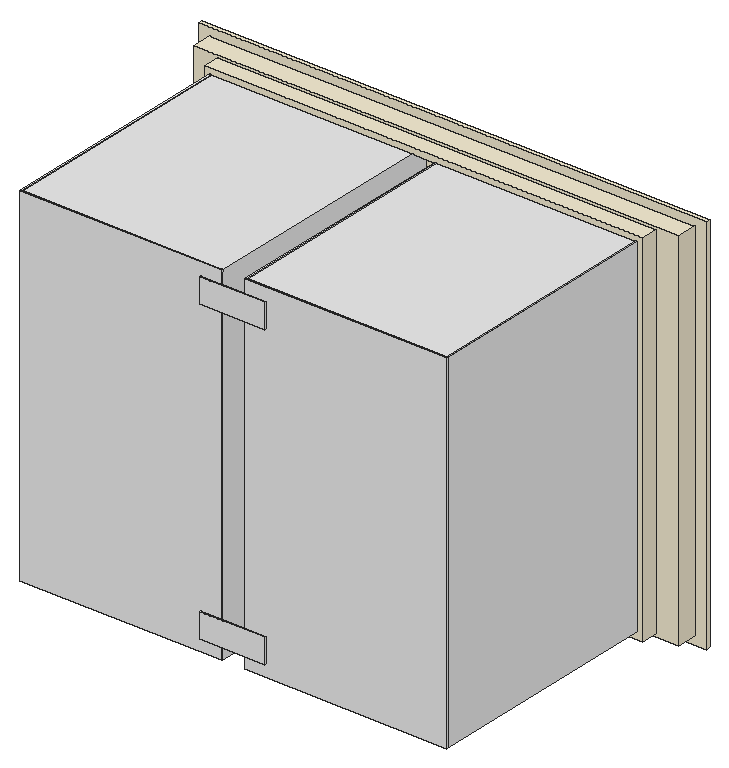
Revit family "4C-6_Door_High_Units_FL.rfa", category Specialty Equipment, host Wall, Revit 2016
Family settings
  Host = Wall
  Part Type = Normal
  Round Connector Dimension = Use Diameter
  Always vertical = Yes
  Cut with Voids When Loaded = No
  Shared = No
  Room Calculation Point = No
Parameters (values of type "3706D-10 FL")
  Width = 31.09766"
  Visible Door Number [instance] = yes
  Vertical Center Divider = yes
  Version = "2.0 (08/09/16)"
  Type Comments = "4C Standard Horizontal Mailbox - Front Loading"
  Top Back Plate = yes
  Right Inside Wall = yes
  Model = "3706D-10 FL"
  MasterFormat Title = "Postal Specialties"
  MasterFormat Number = "10 55 00"
  Manufacturer = "Salsbury Industries"
  Lock Material = Stainless Steel -Salsbury Finish =  Polished
  Left Inside Wall = yes
  Latch Locks - Right Side = no
  Latch Locks - Left Side = no
  Latch Alignment = 14.85742"
  Keynote = ""
  Height = 23.470"
  Front Panel Material [instance] = Aluminum - Salsbury Finish = Sandstone
  Door Slot R6 Number [instance] = "10"
  Door Slot R6 = 3700 Series 4C Door Configurations : MB1 Door w/ Divider
  Door Slot R5 Number [instance] = "9"
  Door Slot R5 = 3700 Series 4C Door Configurations : MB1 Door w/ Divider
  Door Slot R4 Number [instance] = "0"
  Door Slot R4 = 3700 Series 4C OM2 Configuration : OM2-FL
  Door Slot R3 Number [instance] = "0"
  Door Slot R3 = 3700 Series 4C Door Configurations : Empty
  Door Slot R2 Number [instance] = "8"
  Door Slot R2 = 3700 Series 4C Door Configurations : MB1 Door w/ Divider
  Door Slot R1 Number [instance] = "7"
  Door Slot R1 = 3700 Series 4C Door Configurations : MB1 Door
  Door Slot L6 Number [instance] = "6"
  Door Slot L6 = 3700 Series 4C Door Configurations : MB1 Door w/ Divider
  Door Slot L5 Number [instance] = "5"
  Door Slot L5 = 3700 Series 4C Door Configurations : MB1 Door w/ Divider
  Door Slot L4 Number [instance] = "4"
  Door Slot L4 = 3700 Series 4C Door Configurations : MB1 Door w/ Divider
  Door Slot L3 Number [instance] = "3"
  Door Slot L3 = 3700 Series 4C Door Configurations : MB1 Door w/ Divider
  Door Slot L2 Number [instance] = "2"
  Door Slot L2 = 3700 Series 4C Door Configurations : MB1 Door w/ Divider
  Door Slot L1 Number [instance] = "1"
  Door Slot L1 = 3700 Series 4C Door Configurations : MB1 Door
  Description = "6 Door High Unit: 10 MB1, OM2"
  Depth = 17.025"
  Center Extrusion Offset [instance] = 0.000"
  Bottom Back Plate = yes
  Back Enclosure Material = Aluminum - Salsbury Finish = Anodized
  Assembly Code = "C1030910"
  Above Finished Floor (AFF-Bottom of Unit) [instance] = 26.683"
  Above Finished Floor (AFF-Bottom of Door) [instance] = 28.000"
Reference planes (in)
  plane 1 "Wall Centerline": y = 0
  plane 2 "Center (Left/Right)": x = 0
  plane 3 "Front": y = 3
  plane 4 "15" AFF": z = 28
  plane 5 "28" AFF": z = 28
  plane 6 "36" AFF": z = 36
  plane 7 "48" AFF": z = 48
  plane 8 "Bottom of Unit": z = 26.683
  plane 9 "Top of Unit": z = 50.153
  plane 10 "Left Side of Unit": x = 15.54883
  plane 11 "Right Side of Unit": x = -15.54883
  plane 12 "28" AFF_Bottom of Unit": z = 26.683
  plane 13 "Top Horiz Trim Align": z = 49.32225
  plane 14 "Bottom Horiz Trim Align": z = 27.515
  plane 15 "Left Trim Align": x = 14.716
  plane 16 "Right Trim Align": x = -14.716
  plane 17 "Left Door Align": x = 14.06641
  plane 18 "Right Door Align": x = -14.06641
  plane 19 "Top Horiz Door Align": z = 48.73125
  plane 20 "Bottom Horiz Door Align": z = 28
  plane 21 "Front Face of Unit": y = 3.265
  plane 22 "Top Housing Align": z = 49.649
  plane 23 "Top Collar Align": z = 49.501
  plane 24 "Top Box Align": z = 49.146
  plane 25 "Vertical Housing Align": y = 1.795
  plane 26 "Vertical Collar Align": y = 0.795
  plane 27 "Back of Unit": y = -13.76
  plane 28 "Bottom Housing Align": z = 27.187
  plane 29 "Bottom Collar Align": z = 27.335
  plane 30 "Bottom Box Align": z = 27.75
  plane 31 "Door Alignment": y = 2.66809
  plane 32 "Right Housing Align": x = -14.84183
  plane 33 "Right Collar Align": x = -13.40883
  plane 34 "Right Box Side Align": x = -13.08083
  plane 35 "Left Housing Align": x = 14.84183
  plane 36 "Left Collar Align": x = 13.40883
  plane 37 "Left Side Box Align": x = 13.08083
  plane 38 "Top Back Plate Align": z = 48.367
  plane 39 "Back": y = -3
  plane 40 "RO Left Side": x = 15.17383
  plane 41 "RO Right Side": x = -15.17383
  plane 42 "RO Bottom": z = 27.058
  plane 43 "RO Top": z = 49.778
  plane 44 "Horiz Centerline": z = 42.04237
  plane 45: x = 12.99983
  plane 46: x = 12.92758
  plane 47 "Center Extrusion": x = 0
  plane 48 "Center Extrusion Offset": x = 0
  plane 49 "Row 3 Top Align": z = 42
  plane 50 "Row 2 Top Align": z = 45.5
  plane 51 "Row 6 Top Align": z = 31.5
  plane 52 "Row 5 Top Align": z = 35
  plane 53 "Row 4 Top Align": z = 38.5
  plane 54 "Top of base shelf": z = 28.41625
  plane 55 "base shelf void": z = 28.23439
  plane 56: z = 29.999
  plane 57: z = 28.499
  plane 58 "bottom of base shelf": z = 27.88469
  plane 59: x = -0.69141
  plane 60: x = 0.69141
  plane 61: z = 46.631
  plane 62: z = 30.265
Forms (in)
  Extrusion 1, void
    sketch origin (0, 3, 0) x (1, 0, 0) y (0, 0, 1)
      loop
        line (15.17383, 49.778) -> (-15.17383, 49.778) -> (-15.17383, 27.058) -> (15.17383, 27.058) -> (15.17383, 49.778)
    from 0 to 15.27914
  Extrusion 2, solid, material "Aluminum - Salsbury Finish = Sandstone" <- "Front Panel Material"
    sketch origin (0, 3, 0) x (1, 0, 0) y (0, 0, 1)
      loop
        line (15.54883, 50.153) -> (-15.54883, 50.153) -> (-15.54883, 26.683) -> (15.54883, 26.683) -> (15.54883, 50.153)
    from -0.265 to 0
  Extrusion 3, void
    sketch origin (0, 3.265, 0.00774) x (0, 0, -1) y (-1, 0, 0)
      loop
        line (-49.31451, -14.716) -> (-27.50726, -14.716) -> (-27.50726, 14.716) -> (-49.31451, 14.716) -> (-49.31451, -14.716)
    from -0.265 to 0
  Extrusion 4, solid, material "Aluminum - Salsbury Finish = Sandstone" <- "Front Panel Material"
    sketch origin (14.98214, 3.265, -1.67978) x (0, 0, -1) y (-1, 0, 0)
      loop
        line (-51.00203, 29.69814) -> (-51.00203, 29.04855) -> (-29.19478, 29.04855) -> (-29.19478, 29.69814) -> (-51.00203, 29.69814)
    from 0 to -0.265
  Extrusion 5, solid, material "Aluminum - Salsbury Finish = Sandstone" <- "Front Panel Material"
    sketch origin (0, 3.265, 84.08475) x (0, 0, 1) y (1, 0, 0)
      loop
        line (-56.56975, 14.06641) -> (-56.56975, -14.06641) -> (-56.08475, -14.06641) -> (-56.08475, 14.06641) -> (-56.56975, 14.06641)
    from -0.265 to 0
  Extrusion 6, solid, material "Aluminum - Salsbury Finish = Sandstone" <- "Front Panel Material"
    sketch origin (0, 3, 84.08475) x (1, 0, 0) y (0, 0, 1)
      loop
        line (-14.84183, -56.89775) -> (14.84183, -56.89775) -> (14.84183, -34.43575) -> (-14.84183, -34.43575) -> (-14.84183, -56.89775)
    from 0 to 1.205
  Extrusion 7, solid, material "Aluminum - Salsbury Finish = Sandstone" <- "Front Panel Material"
    sketch origin (0, 1.795, 0) x (0, 0, 1) y (-1, 0, 0)
      loop
        line (27.335, 13.40883) -> (27.335, -13.40883) -> (49.501, -13.40883) -> (49.501, 13.40883) -> (27.335, 13.40883)
    from 0 to 1
  Extrusion 8, void
    sketch origin (0, 1.795, 0) x (0, 0, 1) y (-1, 0, 0)
      loop
        line (49.146, 13.08083) -> (27.75, 13.08083) -> (27.75, -13.08083) -> (49.146, -13.08083) -> (49.146, 13.08083)
    from 0 to 1
  Extrusion 9, solid, material "Aluminum - Salsbury Finish = Sandstone" <- "Front Panel Material"
    sketch origin (0, 3.265, 0) x (0, 0, -1) y (-1, 0, 0)
      loop
        line (-49.32225, -14.716) -> (-27.515, -14.716) -> (-27.515, -14.06641) -> (-49.32225, -14.06641) -> (-49.32225, -14.716)
    from 0 to -0.265
  Extrusion 10, solid, material "Aluminum - Salsbury Finish = Sandstone" <- "Front Panel Material"
    sketch origin (0, 3.265, 0) x (0, 0, -1) y (-1, 0, 0)
      loop
        line (-49.32225, -14.06641) -> (-48.73125, -14.06641) -> (-48.73125, 14.06641) -> (-49.32225, 14.06641) -> (-49.32225, -14.06641)
    from -0.265 to 0
  Extrusion 11, void
    sketch origin (0, 1.795, 0) x (0, 0, 1) y (-1, 0, 0)
      loop
        line (49.501, -13.40883) -> (49.501, 13.40883) -> (27.335, 13.40883) -> (27.335, -13.40883) -> (49.501, -13.40883)
    from -1.124 to 0
  Extrusion 12, void
    sketch origin (0, 3, 0) x (1, 0, 0) y (0, 0, 1)
      loop
        line (14.06641, 49.501) -> (-14.06641, 49.501) -> (-14.06641, 27.335) -> (14.06641, 27.335) -> (14.06641, 49.501)
    from 0 to 0.33191
  Extrusion 13, solid, material "Aluminum - Salsbury Finish = Anodized" <- "Back Enclosure Material"
    sketch origin (-0.54283, 1.795, 0) x (0, 0, 1) y (-1, 0, 0)
      loop
        line (49.146, 12.538) -> (27.75, 12.538) -> (27.75, 12.457) -> (49.146, 12.457) -> (49.146, 12.538)
    from 0 to 15.47297
  Extrusion 14, solid, material "Aluminum - Salsbury Finish = Anodized" <- "Back Enclosure Material", visible <- "Right Inside Wall"
    sketch origin (11.7675, 1.795, 0) x (0, 0, 1) y (-1, 0, 0)
      loop
        line (49.146, 12.538) -> (27.75, 12.538) -> (27.75, 12.457) -> (49.146, 12.457) -> (49.146, 12.538)
    from 0 to 15.47297
  Extrusion 15, solid, material "Aluminum - Salsbury Finish = Anodized" <- "Back Enclosure Material"
    sketch origin (0.54283, 1.795, 0) x (0, 0, 1) y (-1, 0, 0)
      loop
        line (49.146, -12.538) -> (49.146, -12.457) -> (27.75, -12.457) -> (27.75, -12.538) -> (49.146, -12.538)
    from 0 to 15.47297
  Extrusion 16, solid, material "Aluminum - Salsbury Finish = Anodized" <- "Back Enclosure Material", visible <- "Left Inside Wall"
    sketch origin (-11.7675, 1.795, 0) x (0, 0, 1) y (-1, 0, 0)
      loop
        line (49.146, -12.538) -> (49.146, -12.457) -> (27.75, -12.457) -> (27.75, -12.538) -> (49.146, -12.538)
    from 0 to 15.47297
  Extrusion 17, solid, material "Aluminum - Salsbury Finish = Anodized" <- "Back Enclosure Material"
    sketch origin (0, -13.76, 0) x (0, 0, 1) y (-1, 0, 0)
      loop
        line (49.146, 13.08083) -> (27.75, 13.08083) -> (27.75, -13.08083) -> (49.146, -13.08083) -> (49.146, 13.08083)
    from -0.08203 to 0
  Extrusion 18, solid, material "Aluminum - Salsbury Finish = Anodized" <- "Back Enclosure Material"
    sketch origin (0, 0, 49.146) x (0, 1, 0) y (-1, 0, 0)
      loop
        line (1.795, 12.99983) -> (-13.67797, 12.99983) -> (-13.67797, -12.99983) -> (1.795, -12.99983) -> (1.795, 12.99983)
    from -0.35871 to 0
  Extrusion 19, void
    sketch origin (0, 0, 49.146) x (0, 1, 0) y (-1, 0, 0)
      loop
        line (1.7325, 12.93342) -> (-13.61547, 12.93342) -> (-13.61547, -12.92758) -> (1.7325, -12.92758) -> (1.7325, 12.93342)
    from -0.0723 to -0.6459
  Extrusion 20, solid, material "Aluminum - Salsbury Finish = Anodized" <- "Back Enclosure Material"
    sketch origin (0, 0, 27.88469) x (-1, 0, 0) y (0, -1, 0)
      loop
        line (12.99983, -1.795) -> (12.99983, 13.67797) -> (-12.99983, 13.67797) -> (-12.99983, -1.795) -> (12.99983, -1.795)
    from 0.53156 to 0
  Extrusion 21, void
    sketch origin (0, 0, 27.88469) x (-1, 0, 0) y (0, -1, 0)
      loop
        line (12.93342, -1.7325) -> (12.93342, 13.61547) -> (-12.92758, 13.61547) -> (-12.92758, -1.7325) -> (12.93342, -1.7325)
    from 0.3497 to 0
  Extrusion 22, solid, material "Aluminum - Salsbury Finish = Anodized" <- "Back Enclosure Material", visible <- "Top Back Plate"
    sketch origin (0, -13.76, 0) x (0, 0, 1) y (-1, 0, 0)
      loop
        line (48.367, 2) -> (46.867, 2) -> (46.867, -2) -> (48.367, -2) -> (48.367, 2)
    from 0 to 0.08203
  Extrusion 23, solid, material "Aluminum - Salsbury Finish = Anodized" <- "Back Enclosure Material", visible <- "Bottom Back Plate"
    sketch origin (0, -13.76, 84.11475) x (0, 0, -1) y (1, 0, 0)
      loop
        line (55.61575, -2) -> (55.61575, 2) -> (54.11575, 2) -> (54.11575, -2) -> (55.61575, -2)
    from 0 to 0.08203
  Extrusion 24, void
    sketch origin (0, 0, 0) x (0, 0, 1) y (0, 1, 0)
      loop
        line (49.146, 1.795) -> (49.32225, 1.795) -> (49.32225, 3.265) -> (27.515, 3.265) -> (27.515, 1.795) -> (27.75, 1.795) -> (27.75, -13.76) -> (49.146, -13.76) -> (49.146, 1.795)
    from -0.69141 to 0.69141
  Extrusion 25, solid, material "Aluminum - Salsbury Finish = Sandstone" <- "Front Panel Material", visible <- "Vertical Center Divider"
    sketch origin (-0.77934, 3.265, 0) x (0, 0, -1) y (-1, 0, 0)
      loop
        line (-49.32225, -1.47075) -> (-27.515, -1.47075) -> (-27.515, -0.08794) -> (-49.32225, -0.08794) -> (-49.32225, -1.47075)
    from 0 to -1.47
Cuts and joins
  Extrusion 3, Extrusion 11, Extrusion 24 cuts Extrusion 2
  Extrusion 8, Extrusion 11, Extrusion 12, Extrusion 24 cuts Extrusion 5
  Extrusion 8, Extrusion 12, Extrusion 19, Extrusion 24 cuts Extrusion 7
  Extrusion 11, Extrusion 12, Extrusion 24 cuts Extrusion 10
  Extrusion 11, Extrusion 12 cuts Extrusion 6
  Extrusion 12 cuts Extrusion 4
  Extrusion 12 cuts Extrusion 9
  Extrusion 19, Extrusion 21, Extrusion 24 cuts Extrusion 18
  Extrusion 21, Extrusion 24 cuts Extrusion 20
  Extrusion 24 cuts Extrusion 17
  Extrusion 24 cuts Extrusion 22
  Extrusion 24 cuts Extrusion 23
Lines and regions (in)
  model lines
    curve 1: line (15.54883, 3.265, 50.153) -> (14.716, 3.265, 49.32017)
    curve 2: line (-15.54883, 3.265, 50.153) -> (-14.716, 3.265, 49.32017)
    curve 3: line (-15.54883, 3.265, 26.683) -> (-14.716, 3.265, 27.51583)
    curve 4: line (15.54883, 3.265, 26.683) -> (14.716, 3.265, 27.51583)
  reference lines
    curve 5: line (-14.06641, 2.66809, 25.683) -> (-14.06641, 2.66809, 54.43425)
    curve 6: line (14.06641, 2.66809, 26.183) -> (14.06641, 2.66809, 54.43425)
Text (in)
  text "Placement Side" at (0, 40.15149, 123.01588), in view "Right"
  text "Placement Side" at (-58.6842, 42.74981, 0), in view "Ref. Level"
  text "Placement Side" at (0, 47.49176, 140.59947), in view "Left"
Dimensions and locks (in)
  locked: plane 3 "Front" to host wall
  "Above Finished Floor (AFF-Bottom of Door)": level to plane 4 "15" AFF"
  locked: level to plane 5 "28" AFF" at 28
  locked: level to plane 6 "36" AFF" at 36
  locked: level to plane 7 "48" AFF" at 48
  equal spacing: plane 11 "Right Side of Unit", plane 2 "Center (Left/Right)", plane 10 "Left Side of Unit"
  plane 8 "Bottom of Unit" to plane 4 "15" AFF" = 1.317"
  "Width": plane 11 "Right Side of Unit" to plane 10 "Left Side of Unit"
  "Height": plane 8 "Bottom of Unit" to plane 9 "Top of Unit"
  plane 12 "28" AFF_Bottom of Unit" to plane 5 "28" AFF" = 1.317"
  locked: plane 15 "Left Trim Align" to plane 10 "Left Side of Unit" at 0.83283
  locked: plane 16 "Right Trim Align" to plane 11 "Right Side of Unit" at 0.83283
  locked: plane 13 "Top Horiz Trim Align" to plane 9 "Top of Unit" at 0.83075
  locked: plane 8 "Bottom of Unit" to plane 14 "Bottom Horiz Trim Align" at 0.832
  plane 17 "Left Door Align" to plane 15 "Left Trim Align" = 0.64959"
  plane 18 "Right Door Align" to plane 16 "Right Trim Align" = 0.64959"
  locked: plane 19 "Top Horiz Door Align" to plane 13 "Top Horiz Trim Align" at 0.591
  locked: plane 14 "Bottom Horiz Trim Align" to plane 20 "Bottom Horiz Door Align" at 0.485
  plane 20 "Bottom Horiz Door Align" to level = 28.000"
  plane 5 "28" AFF" to level = 28.000"
  plane 6 "36" AFF" to level = 36.000"
  plane 7 "48" AFF" to level = 48.000"
  plane 9 "Top of Unit" to plane 8 "Bottom of Unit" = 23.470"
  plane 21 "Front Face of Unit" to host wall = 0.265"
  locked: host wall to plane 25 "Vertical Housing Align" at 1.205
  locked: plane 25 "Vertical Housing Align" to plane 26 "Vertical Collar Align" at 1
  plane 25 "Vertical Housing Align" to plane 27 "Back of Unit" = 15.555"
  "Depth": plane 21 "Front Face of Unit" to plane 27 "Back of Unit"
  locked: plane 9 "Top of Unit" to plane 22 "Top Housing Align" at 0.504
  locked: plane 22 "Top Housing Align" to plane 23 "Top Collar Align" at 0.148
  locked: plane 23 "Top Collar Align" to plane 24 "Top Box Align" at 0.355
  locked: plane 28 "Bottom Housing Align" to plane 8 "Bottom of Unit" at 0.504
  locked: plane 29 "Bottom Collar Align" to plane 28 "Bottom Housing Align" at 0.148
  locked: plane 30 "Bottom Box Align" to plane 29 "Bottom Collar Align" at 0.415
  plane 24 "Top Box Align" to plane 30 "Bottom Box Align" = 21.396"  (x2)
  locked: plane 21 "Front Face of Unit" to plane 31 "Door Alignment" at 0.59691
  plane 11 "Right Side of Unit" to plane 32 "Right Housing Align" to plane 33 "Right Collar Align" to plane 34 "Right Box Side Align" = 0.707" locked, 1.433" locked, 0.328" locked
  plane 37 "Left Side Box Align" to plane 36 "Left Collar Align" to plane 35 "Left Housing Align" to plane 10 "Left Side of Unit" = 0.328" locked, 1.433" locked, 0.707" locked
  plane 11 "Right Side of Unit" to plane 32 "Right Housing Align" to plane 33 "Right Collar Align" to plane 34 "Right Box Side Align" = 0.707", 1.433", 0.328"
  plane 37 "Left Side Box Align" to plane 36 "Left Collar Align" to plane 35 "Left Housing Align" to plane 10 "Left Side of Unit" = 0.328", 1.433", 0.707"
  plane 9 "Top of Unit" to plane 24 "Top Box Align" = 1.007"
  plane 30 "Bottom Box Align" to plane 8 "Bottom of Unit" = 1.067"
  locked: plane 24 "Top Box Align" to plane 38 "Top Back Plate Align" at 0.779
  locked: plane 40 "RO Left Side" to plane 10 "Left Side of Unit" at 0.375
  locked: plane 41 "RO Right Side" to plane 11 "Right Side of Unit" at 0.375
  locked: plane 8 "Bottom of Unit" to plane 42 "RO Bottom" at 0.375
  locked: plane 43 "RO Top" to plane 9 "Top of Unit" at 0.375
  Extrusion 13 to Extrusion 13 = 0.081"
  Extrusion 15 to Extrusion 15 = 0.081"
  plane 45 to plane 37 "Left Side Box Align" = 0.081"
  plane 46 to plane 45 = 0.07225"
  plane 18 "Right Door Align" to plane 17 "Left Door Align" = 28.13281"
  "Center Extrusion Offset": plane 47 "Center Extrusion" to plane 48 "Center Extrusion Offset"
  plane 20 "Bottom Horiz Door Align" to plane 51 "Row 6 Top Align" to plane 52 "Row 5 Top Align" to plane 53 "Row 4 Top Align" to plane 49 "Row 3 Top Align" to plane 50 "Row 2 Top Align" = 3.500" locked, 3.500" locked, 3.500" locked, 3.500" locked, 3.500" locked
  plane 54 "Top of base shelf" to plane 55 "base shelf void" to plane 58 "bottom of base shelf" to plane 30 "Bottom Box Align" = 0.18186" locked, 0.3497" locked, 0.13469" locked
  plane 56 to plane 57 to plane 8 "Bottom of Unit" = 1.500" locked, 1.816" locked
  "Above Finished Floor (AFF-Bottom of Unit)": level to plane 8 "Bottom of Unit"
  locked: plane 59 to plane 60 at 1.38281
  plane 62 to plane 30 "Bottom Box Align" = 2.515"
  plane 24 "Top Box Align" to plane 61 = 2.515"
  "Latch Alignment": plane 11 "Right Side of Unit" to plane 59
  aligned and locked: plane 8 "Bottom of Unit" to Extrusion 2 sketch curve
  aligned and locked: plane 10 "Left Side of Unit" to Extrusion 2 sketch curve
  aligned and locked: Extrusion 2 sketch curve to plane 11 "Right Side of Unit"
  aligned and locked: Extrusion 2 sketch curve to plane 9 "Top of Unit"
  aligned and locked: plane 21 "Front Face of Unit" to Extrusion 2
  aligned and locked: Extrusion 4 to plane 16 "Right Trim Align"
  aligned and locked: plane 18 "Right Door Align" to Extrusion 4
  aligned and locked: plane 13 "Top Horiz Trim Align" to Extrusion 4
  aligned and locked: Extrusion 5 to plane 14 "Bottom Horiz Trim Align"
  aligned and locked: Extrusion 5 to plane 17 "Left Door Align"
  aligned and locked: plane 20 "Bottom Horiz Door Align" to Extrusion 5
  aligned and locked: Extrusion 5 to plane 18 "Right Door Align"
  aligned and locked: plane 34 "Right Box Side Align" to Extrusion 17 sketch curve
  aligned and locked: Extrusion 17 sketch curve to plane 24 "Top Box Align"
  aligned and locked: Extrusion 17 sketch curve to plane 37 "Left Side Box Align"
  aligned and locked: plane 30 "Bottom Box Align" to Extrusion 17 sketch curve
  aligned and locked: plane 25 "Vertical Housing Align" to Extrusion 18 sketch curve
  aligned and locked: Extrusion 18 sketch curve to plane 45
  aligned and locked: plane 46 to Extrusion 19
  aligned and locked: plane 45 to cut or joined group of Extrusion 18, Extrusion 19, Extrusion 21, Extrusion 24
  aligned and locked: plane 25 "Vertical Housing Align" to Extrusion 20 sketch curve
  aligned and locked: Extrusion 20 sketch curve to plane 45
  aligned and locked: plane 46 to cut or joined group of Extrusion 20, Extrusion 21, Extrusion 24
  aligned and locked: plane 17 "Left Door Align" to cut or joined group of Extrusion 9, Extrusion 12
  aligned and locked: plane 25 "Vertical Housing Align" to Extrusion 25
  aligned and locked: plane 21 "Front Face of Unit" to Extrusion 25
  aligned and locked: nested 7 to plane 17 "Left Door Align"
  aligned and locked: plane 31 "Door Alignment" to nested 7  (x2)
  aligned and locked: nested 8 to plane 17 "Left Door Align"
  aligned and locked: plane 31 "Door Alignment" to nested 8  (x2)
  aligned and locked: nested 6 to curve 5
  aligned and locked: nested 5 to curve 5
  aligned and locked: nested 3 to curve 5
  aligned and locked: nested 12 to curve 6
  aligned and locked: nested 11 to curve 6
  aligned and locked: nested 10 to curve 6
  aligned and locked: nested 9 to curve 6
  aligned and locked: nested 8 to curve 6
  aligned and locked: nested 7 to curve 6
  aligned and locked: plane 31 "Door Alignment" to nested 6
  aligned and locked: plane 31 "Door Alignment" to nested 12
  aligned and locked: plane 31 "Door Alignment" to nested 5
  aligned and locked: plane 31 "Door Alignment" to nested 3
  aligned and locked: plane 31 "Door Alignment" to nested 9
  aligned and locked: plane 31 "Door Alignment" to nested 11
  aligned and locked: plane 31 "Door Alignment" to nested 2
  aligned and locked: plane 31 "Door Alignment" to nested 4
  aligned and locked: nested 1 to curve 5
  aligned and locked: nested 2 to curve 5
  aligned and locked: nested 4 to curve 5
  aligned and locked: plane 31 "Door Alignment" to nested 1
  aligned and locked: cut or joined group of Extrusion 23, Extrusion 24 to plane 57
  aligned and locked: plane 54 "Top of base shelf" to cut or joined group of Extrusion 20, Extrusion 21, Extrusion 24
  aligned and locked: cut or joined group of Extrusion 20, Extrusion 21, Extrusion 24 to plane 58 "bottom of base shelf"
  aligned and locked: plane 20 "Bottom Horiz Door Align" to nested 6
  aligned and locked: plane 20 "Bottom Horiz Door Align" to nested 12
  aligned and locked: plane 51 "Row 6 Top Align" to nested 5
  aligned and locked: plane 51 "Row 6 Top Align" to nested 11
  aligned and locked: plane 52 "Row 5 Top Align" to nested 4
  aligned and locked: plane 52 "Row 5 Top Align" to nested 10
  aligned and locked: plane 53 "Row 4 Top Align" to nested 3
  aligned and locked: plane 53 "Row 4 Top Align" to nested 9
  aligned and locked: plane 49 "Row 3 Top Align" to nested 2
  aligned and locked: plane 49 "Row 3 Top Align" to nested 8
  aligned and locked: plane 50 "Row 2 Top Align" to nested 1
  aligned and locked: plane 50 "Row 2 Top Align" to nested 7
  aligned and locked: plane 31 "Door Alignment" to nested 10
  aligned and locked: nested 14 to plane 27 "Back of Unit"
  aligned and locked: nested 13 to plane 27 "Back of Unit"
  aligned and locked: nested 16 to plane 27 "Back of Unit"
  aligned and locked: nested 15 to plane 27 "Back of Unit"
  aligned and locked: plane 62 to nested 16
  aligned and locked: plane 62 to nested 15
  aligned and locked: plane 60 to nested 16
  aligned and locked: plane 59 to nested 15
  aligned and locked: plane 61 to nested 14
  aligned and locked: plane 61 to nested 13
  aligned and locked: plane 59 to nested 13
  aligned and locked: plane 60 to nested 14
Automatic sketch dimensions
  Extrusion 1 sketch curve to plane 41 "RO Right Side" = 0.000"
  plane 40 "RO Left Side" to Extrusion 1 sketch curve = 0.000"
  Extrusion 1 sketch curve to plane 42 "RO Bottom" = 0.000"
  Extrusion 1 sketch curve to plane 43 "RO Top" = 0.000"
  Extrusion 6 sketch curve to plane 22 "Top Housing Align" = 0.000"
  Extrusion 6 sketch curve to plane 32 "Right Housing Align" = 0.000"
  Extrusion 6 sketch curve to plane 35 "Left Housing Align" = 0.000"
  Extrusion 6 sketch curve to plane 28 "Bottom Housing Align" = 0.000"
  Extrusion 7 sketch curve to plane 29 "Bottom Collar Align" = 0.000"
  Extrusion 7 sketch curve to plane 23 "Top Collar Align" = 0.000"
  plane 36 "Left Collar Align" to Extrusion 7 sketch curve = 0.000"
  Extrusion 7 sketch curve to plane 33 "Right Collar Align" = 0.000"
  Extrusion 8 sketch curve to plane 30 "Bottom Box Align" = 0.000"
  Extrusion 8 sketch curve to plane 24 "Top Box Align" = 0.000"
  Extrusion 8 sketch curve to plane 37 "Left Side Box Align" = 0.000"
  plane 34 "Right Box Side Align" to Extrusion 8 sketch curve = 0.000"
  Extrusion 11 sketch curve to plane 29 "Bottom Collar Align" = 0.000"
  Extrusion 11 sketch curve to plane 23 "Top Collar Align" = 0.000"
  plane 36 "Left Collar Align" to Extrusion 11 sketch curve = 0.000"
  plane 33 "Right Collar Align" to Extrusion 11 sketch curve = 0.000"
  Extrusion 13 sketch curve to plane 30 "Bottom Box Align" = 0.000"
  Extrusion 13 sketch curve to plane 24 "Top Box Align" = 0.000"
  plane 34 "Right Box Side Align" to Extrusion 13 sketch curve = 0.000"
  Extrusion 13 sketch curve to Extrusion 13 sketch curve = 0.081"
  Extrusion 15 sketch curve to plane 30 "Bottom Box Align" = 0.000"
  Extrusion 15 sketch curve to plane 24 "Top Box Align" = 0.000"
  plane 37 "Left Side Box Align" to Extrusion 15 sketch curve = 0.000"
  plane 37 "Left Side Box Align" to Extrusion 15 sketch curve = 0.081"
  Extrusion 18 sketch curve to plane 27 "Back of Unit" = 0.08203"
  plane 34 "Right Box Side Align" to Extrusion 18 sketch curve = 0.081"
  curve 2 to plane 9 "Top of Unit" = 0.000"
  curve 1 to plane 9 "Top of Unit" = 0.000"
  curve 2 to plane 16 "Right Trim Align" = 0.000"
  plane 15 "Left Trim Align" to curve 1 = 0.000"
  curve 3 to plane 16 "Right Trim Align" = 0.000"
  plane 15 "Left Trim Align" to curve 4 = 0.000"
  curve 4 to plane 8 "Bottom of Unit" = 0.000"
  curve 3 to plane 8 "Bottom of Unit" = 0.000"
  plane 10 "Left Side of Unit" to curve 4 = 0.000"
  plane 10 "Left Side of Unit" to curve 1 = 0.000"
  plane 11 "Right Side of Unit" to curve 3 = 0.000"
  plane 11 "Right Side of Unit" to curve 2 = 0.000"
  curve 2 to plane 13 "Top Horiz Trim Align" = 0.00208"
  curve 1 to plane 13 "Top Horiz Trim Align" = 0.00208"
  plane 14 "Bottom Horiz Trim Align" to curve 3 = 0.00083"
  plane 14 "Bottom Horiz Trim Align" to curve 4 = 0.00083"
  Extrusion 3 sketch curve to plane 13 "Top Horiz Trim Align" = 0.000"
  Extrusion 3 sketch curve to plane 14 "Bottom Horiz Trim Align" = 0.000"
  plane 15 "Left Trim Align" to Extrusion 3 sketch curve = 0.000"
  Extrusion 3 sketch curve to plane 16 "Right Trim Align" = 0.000"
  plane 13 "Top Horiz Trim Align" to Extrusion 4 sketch curve = 0.000"
  plane 14 "Bottom Horiz Trim Align" to Extrusion 4 sketch curve = 0.000"
  Extrusion 4 sketch curve to plane 16 "Right Trim Align" = 0.000"
  Extrusion 4 sketch curve to plane 18 "Right Door Align" = 0.000"
  Extrusion 5 sketch curve to plane 14 "Bottom Horiz Trim Align" = 0.000"
  Extrusion 5 sketch curve to plane 4 "15" AFF" = 0.000"
  plane 17 "Left Door Align" to Extrusion 5 sketch curve = 0.000"
  Extrusion 5 sketch curve to plane 18 "Right Door Align" = 0.000"
  Extrusion 9 sketch curve to plane 13 "Top Horiz Trim Align" = 0.000"
  Extrusion 9 sketch curve to plane 14 "Bottom Horiz Trim Align" = 0.000"
  plane 15 "Left Trim Align" to Extrusion 9 sketch curve = 0.000"
  plane 17 "Left Door Align" to Extrusion 9 sketch curve = 0.000"
  Extrusion 10 sketch curve to plane 13 "Top Horiz Trim Align" = 0.000"
  plane 17 "Left Door Align" to Extrusion 10 sketch curve = 0.000"
  Extrusion 10 sketch curve to plane 18 "Right Door Align" = 0.000"
  Extrusion 10 sketch curve to plane 19 "Top Horiz Door Align" = 0.000"
  Extrusion 12 sketch curve to plane 18 "Right Door Align" = 0.000"
  plane 17 "Left Door Align" to Extrusion 12 sketch curve = 0.000"
  Extrusion 12 sketch curve to plane 29 "Bottom Collar Align" = 0.000"
  Extrusion 12 sketch curve to plane 23 "Top Collar Align" = 0.000"
  Extrusion 14 sketch curve to plane 30 "Bottom Box Align" = 0.000"
  Extrusion 14 sketch curve to plane 24 "Top Box Align" = 0.000"
  Extrusion 14 sketch curve to plane 2 "Center (Left/Right)" = 0.6895"
  Extrusion 14 sketch curve to Extrusion 14 sketch curve = 0.081"
  Extrusion 16 sketch curve to plane 30 "Bottom Box Align" = 0.000"
  Extrusion 16 sketch curve to plane 24 "Top Box Align" = 0.000"
  Extrusion 16 sketch curve to plane 2 "Center (Left/Right)" = 0.6895"
  Extrusion 16 sketch curve to Extrusion 16 sketch curve = 0.081"
  Extrusion 19 sketch curve to plane 46 = 0.000"
  Extrusion 19 sketch curve to plane 27 "Back of Unit" = 0.14453"
  plane 25 "Vertical Housing Align" to Extrusion 19 sketch curve = 0.0625"
  plane 34 "Right Box Side Align" to Extrusion 19 sketch curve = 0.14741"
  Extrusion 22 sketch curve to plane 38 "Top Back Plate Align" = 0.000"
  plane 38 "Top Back Plate Align" to Extrusion 22 sketch curve = 1.500"
  plane 2 "Center (Left/Right)" to Extrusion 22 sketch curve = 2.000"
  Extrusion 22 sketch curve to plane 2 "Center (Left/Right)" = 2.000"
  Extrusion 23 sketch curve to plane 2 "Center (Left/Right)" = 2.000"
  plane 2 "Center (Left/Right)" to Extrusion 23 sketch curve = 2.000"
  Extrusion 24 sketch curve to plane 14 "Bottom Horiz Trim Align" = 0.000"
  Extrusion 24 sketch curve to plane 25 "Vertical Housing Align" = 0.000"  (x2)
  Extrusion 24 sketch curve to plane 30 "Bottom Box Align" = 0.000"
  Extrusion 24 sketch curve to plane 24 "Top Box Align" = 0.000"
  Extrusion 24 sketch curve to plane 13 "Top Horiz Trim Align" = 0.000"
  Extrusion 24 sketch curve to plane 27 "Back of Unit" = 0.000"
  Extrusion 24 sketch curve to plane 21 "Front Face of Unit" = 0.000"
  Extrusion 25 sketch curve to plane 13 "Top Horiz Trim Align" = 0.000"
  Extrusion 25 sketch curve to plane 14 "Bottom Horiz Trim Align" = 0.000"
  plane 2 "Center (Left/Right)" to Extrusion 25 sketch curve = 0.69141"
  Extrusion 25 sketch curve to plane 2 "Center (Left/Right)" = 0.69141"
  curve 5 to plane 18 "Right Door Align" = 0.000"
  plane 17 "Left Door Align" to curve 6 = 0.000"
  curve 5 to plane 8 "Bottom of Unit" = 1.000"
  curve 6 to plane 8 "Bottom of Unit" = 0.500"
  plane 9 "Top of Unit" to curve 6 = 4.28125"
  plane 9 "Top of Unit" to curve 5 = 4.28125"
  Extrusion 23 sketch curve to plane 4 "15" AFF" = 0.499"
  Extrusion 23 sketch curve to Extrusion 23 sketch curve = 1.500"
  plane 34 "Right Box Side Align" to Extrusion 20 sketch curve = 0.081"
  Extrusion 20 sketch curve to plane 27 "Back of Unit" = 0.08203"
  Extrusion 21 sketch curve to plane 46 = 0.000"
  plane 34 "Right Box Side Align" to Extrusion 21 sketch curve = 0.14741"
  plane 25 "Vertical Housing Align" to Extrusion 21 sketch curve = 0.0625"
  Extrusion 21 sketch curve to plane 27 "Back of Unit" = 0.14453"
Nested families (in)
  nested 1: "3700 Series 4C Door Configurations" at (-7.37891, 2.79505, 45.5) x (-1, 0, 0) z (0, 0, 1), type <- "Door Slot R1", Door Number <- "Door Slot R1 Number", type "MB1 Door"
    with Door Number "7"
  nested 2: "3700 Series 4C Door Configurations" at (-7.37891, 2.79505, 42) x (-1, 0, 0) z (0, 0, 1), type <- "Door Slot R2", Door Number <- "Door Slot R2 Number", type "MB1 Door w/ Divider"
    with Door Number "8"
  nested 3: "3700 Series 4C Door Configurations" at (-7.37891, 2.79505, 38.5) x (-1, 0, 0) z (0, 0, 1), type <- "Door Slot R3", Door Number <- "Door Slot R3 Number", type "Empty"
    with Door Number "0"
  nested 4: "3700 Series 4C OM2 Configuration" at (-7.37891, 2.79505, 35) x (-1, 0, 0) z (0, 0, 1), type <- "Door Slot R4", Door Number <- "Door Slot R4 Number", type "OM2-FL"
    with Door Number "0"
  nested 5: "3700 Series 4C Door Configurations" at (-7.37891, 2.79505, 31.5) x (-1, 0, 0) z (0, 0, 1), type <- "Door Slot R5", Door Number <- "Door Slot R5 Number", type "MB1 Door w/ Divider"
    with Door Number "9"
  nested 6: "3700 Series 4C Door Configurations" at (-7.37891, 2.79505, 28) x (-1, 0, 0) z (0, 0, 1), type <- "Door Slot R6", Door Number <- "Door Slot R6 Number", type "MB1 Door w/ Divider"
    with Door Number "10"
  nested 7: "3700 Series 4C Door Configurations" at (7.37891, 2.79505, 45.5) x (-1, 0, 0) z (0, 0, 1), type <- "Door Slot L1", Door Number <- "Door Slot L1 Number", type "MB1 Door"
    with Door Number "1"
  nested 8: "3700 Series 4C Door Configurations" at (7.37891, 2.79505, 42) x (-1, 0, 0) z (0, 0, 1), type <- "Door Slot L2", Door Number <- "Door Slot L2 Number", type "MB1 Door w/ Divider"
    with Door Number "2"
  nested 9: "3700 Series 4C Door Configurations" at (7.37891, 2.79505, 38.5) x (-1, 0, 0) z (0, 0, 1), type <- "Door Slot L3", Door Number <- "Door Slot L3 Number", type "MB1 Door w/ Divider"
    with Door Number "3"
  nested 10: "3700 Series 4C Door Configurations" at (7.37891, 2.79505, 35) x (-1, 0, 0) z (0, 0, 1), type <- "Door Slot L4", Door Number <- "Door Slot L4 Number", type "MB1 Door w/ Divider"
    with Door Number "4"
  nested 11: "3700 Series 4C Door Configurations" at (7.37891, 2.79505, 31.5) x (-1, 0, 0) z (0, 0, 1), type <- "Door Slot L5", Door Number <- "Door Slot L5 Number", type "MB1 Door w/ Divider"
    with Door Number "5"
  nested 12: "3700 Series 4C Door Configurations" at (7.37891, 2.79505, 28) x (-1, 0, 0) z (0, 0, 1), type <- "Door Slot L6", Door Number <- "Door Slot L6 Number", type "MB1 Door w/ Divider"
    with Door Number "6"
  nested 13: "4C Latch Lock-Right" at (-1.81641, -13.882, 45.9435) x (-1, 0, 0) z (0, 0, 1), type "Lock Latch"
    with Visible Latch no
  nested 14: "4C Latch Lock-Left" at (1.81641, -13.882, 45.9435) x (-1, 0, 0) z (0, 0, 1), type "Lock Latch"
    with Visible Latch no
  nested 15: "4C Latch Lock-Right" at (-1.81641, -13.882, 29.5775) x (-1, 0, 0) z (0, 0, 1), type "Lock Latch"
    with Visible Latch no
  nested 16: "4C Latch Lock-Left" at (1.81641, -13.882, 29.5775) x (-1, 0, 0) z (0, 0, 1), type "Lock Latch"
    with Visible Latch no
Definition of nested family "3700 Series 4C Door Configurations"
  Parameters (values of type "MB1 Door w/ Divider")
    Weight = "5 lbs."
    Visible Door Number = yes
    URL = ""
    Model = "3700MB1"
    Manufacturer = "Salsbury Industries"
    Lock Material = none
    Inset Offset = 0.000"
    Front Panel Material = none
    Door Width = 13.375"
    Door Visibility-MB1 = yes
    Door Number [instance] = "101"
    Door Lock = yes
    Door Height = 3.23047"
    Door Divider = yes
    Door Depth = 0.25391"
    Description = "MB1 Door for 3700 Series 4C Mailboxes"
    Cost = 0
    Center Lock-Vertical = 0.875"
    Center Lock-Horizontal = 1.61523"
  Types (11): name | Weight | Visible Door Number | Model | Inset Offset | Door Visibility-MB1 | Door Lock | Door Height | Door Divider | Description
    MB1 Door w/ Divider | "5 lbs." | yes | "3700MB1" | 0.000" | yes | yes | 3.23047" | yes | "MB1 Door for 3700 Series 4C Mailboxes"
    MB1 Door | "5 lbs." | yes | "3700MB1" | 0.000" | yes | yes | 3.23047" | no | "MB1 Door for 3700 Series 4C Mailboxes"
    MB2 Door | "10 lbs." | yes | "3700MB2" | 0.000" | yes | yes | 6.73047" | no | "MB2 Door for 3700 Series 4C Mailboxes"
    MB2 Door w/ Divider | "10 lbs." | yes | "3700MB2" | 0.000" | yes | yes | 6.73047" | yes | "MB2 Door for 3700 Series 4C Mailboxes"
    MB3 Door | "15 lbs." | yes | "3700MB3" | 0.000" | yes | yes | 10.23047" | no | "MB3 Door for 3700 Series 4C Mailboxes"
    MB3 Door w/ Divider | "15 lbs." | yes | "3700MB3" | 0.000" | yes | yes | 10.23047" | yes | "MB3 Door for 3700 Series 4C Mailboxes"
    MB4 Door | "20 lbs." | yes | "3700MB4" | 0.000" | yes | yes | 13.73047" | no | "MB4 Door for 3700 Series 4C Mailboxes"
    MB4 Door w/ Divider | "20 lbs." | yes | "3700MB4" | 0.000" | yes | yes | 13.73047" | yes | "MB4 Door for 3700 Series 4C Mailboxes"
    Blank Door | "5 lbs." | no | "3700MB1" | 0.18359" | yes | no | 3.23047" | no | "MB1 Door for 3700 Series 4C Mailboxes"
    Blank Door w/ Divider | "5 lbs." | no | "3700MB1" | 0.18402" | yes | no | 3.23047" | yes | "MB1 Door for 3700 Series 4C Mailboxes"
    Empty | "5 lbs." | no | "Empty MB1" | 0.18359" | no | no | 3.23047" | no | "Empty MB1 Door for 3700 Series 4C Mailboxes"
  Reference planes (in)
    plane 1 "Center (Front/Back)": y = 0
    plane 2 "Bottom of Door": z = 0
    plane 3 "Center (Left/Right)": x = 0
    plane 4 "Left Side Face of Door": x = -6.6875
    plane 5 "Right Side Face of Door": x = 6.6875
    plane 6 "Back Face of Door": y = 0.12695
    plane 7 "Front Face of Door": y = -0.12695
    plane 8: z = 3.23047
    plane 9: z = 1.61523
    plane 10 "Face of Divider": y = -0.46995
    plane 11 "Center Lock Vertical": x = -5.8125
    plane 12 "Center Lock Horizontal": z = 1.61523
    plane 13 "Face of Lock": y = -0.42383
    plane 14 "Divider Height Align": z = 3.50047
    plane 15 "Inset Center": x = -0.0975
    plane 16 "Inset Offset": y = -0.12695
    plane 17: z = 1.99038
    plane 18: z = 1.24072
  Forms (in)
    Extrusion 1, solid, material <- "Front Panel Material", visible <- "Door Visibility-MB1"
      sketch origin (0, 0, 0) x (1, 0, 0) y (0, 1, 0)
        loop
          line (-6.4355, 0.12695) -> (-6.6875, -0.05445) -> (-6.6875, -0.12695) -> (6.05625, -0.12695)
          arc (6.05625, -0.12695) -> (6.19558, -0.17661) -> (6.27209, -0.3032) r 0.22029
          arc (6.27209, -0.3032) -> (6.3553, -0.42132) -> (6.4925, -0.46664) r 0.23034
          arc (6.4925, -0.46664) -> (6.63039, -0.40952) -> (6.6875, -0.27164) r 0.195
          line (6.6875, -0.27164) -> (6.6875, 0.12695) -> (-6.4355, 0.12695)
      from 0 to 3.23047
    Blend 2, solid, material <- "Lock Material", visible <- "Door Lock"
      base sketch origin (0, -0.12695, 0) x (-1, 0, 0) y (0, 0, 1)
        loop
          circle (5.8125, 1.61523) r 0.525
      top sketch origin (0, -0.12695, 0) x (-1, 0, 0) y (0, 0, 1)
        loop
          circle (5.8125, 1.61523) r 0.485
      from 0 to -0.29688
    Extrusion 3, solid, material <- "Front Panel Material", visible <- "Door Divider"
      sketch origin (0, 0, 3.50047) x (-1, 0, 0) y (0, -1, 0)
        loop
          line (6.6875, -0.12695) -> (6.6875, 0.46995) -> (-6.6875, 0.46995) -> (-6.6875, -0.12695) -> (6.6875, -0.12695)
      from -0.27 to 0
    Extrusion 4, void
      sketch origin (0, -0.42383, 0) x (1, 0, 0) y (0, 0, 1)
        loop
          circle (-5.8125, 1.49523) r 0.285
      from 0 to -0.01562
    Extrusion 5, void
      sketch origin (0, -0.42383, 0) x (1, 0, 0) y (0, 0, 1)
        loop
          line (-5.84183, 1.62353) -> (-5.84183, 1.32353) -> (-5.78183, 1.32353) -> (-5.78183, 1.62353) -> (-5.84183, 1.62353)
      from 0 to -0.03906
    Extrusion 6, void
      sketch origin (0, -0.12695, 0) x (0, 0, 1) y (-1, 0, 0)
        loop
          arc (2.36523, 0.8475) -> (2.32862, 0.93589) -> (2.24023, 0.9725) r 0.125
          line (2.24023, 0.9725) -> (0.99023, 0.9725)
          arc (0.99023, 0.9725) -> (0.90185, 0.93589) -> (0.86523, 0.8475) r 0.125
          line (0.86523, 0.8475) -> (0.86523, -0.6525)
          arc (0.86523, -0.6525) -> (0.90185, -0.74089) -> (0.99023, -0.7775) r 0.125
          line (0.99023, -0.7775) -> (2.24023, -0.7775)
          arc (2.24023, -0.7775) -> (2.32862, -0.74089) -> (2.36523, -0.6525) r 0.125
          line (2.36523, -0.6525) -> (2.36523, 0.8475)
      from 0 to -0.03906
  Cuts and joins
    Extrusion 4, Extrusion 5 cuts Blend 2
    Extrusion 6 cuts Extrusion 1
  Dimensions and locks (in)
    equal spacing: plane 6 "Back Face of Door", plane 1 "Center (Front/Back)", plane 7 "Front Face of Door"
    "Door Depth": plane 6 "Back Face of Door" to plane 7 "Front Face of Door"
    equal spacing: plane 4 "Left Side Face of Door", plane 3 "Center (Left/Right)", plane 5 "Right Side Face of Door"  (x2)
    "Door Width": plane 4 "Left Side Face of Door" to plane 5 "Right Side Face of Door"
    locked: plane 7 "Front Face of Door" to plane 10 "Face of Divider" at 0.343
    "Center Lock-Vertical": plane 4 "Left Side Face of Door" to plane 11 "Center Lock Vertical"
    "Inset Offset": plane 16 "Inset Offset" to plane 7 "Front Face of Door"
    plane 4 "Left Side Face of Door" to plane 5 "Right Side Face of Door" = 13.375"
    plane 6 "Back Face of Door" to plane 10 "Face of Divider" = 0.59691"
    "Door Height": plane 8 to plane 2 "Bottom of Door"
    equal spacing: plane 8, plane 9, plane 2 "Bottom of Door"
    locked: plane 14 "Divider Height Align" to plane 8 at 0.27
    plane 17 to plane 9 to plane 18 = 0.37515" locked, 0.37452" locked
    aligned and locked: level to plane 2 "Bottom of Door"
    aligned and locked: plane 4 "Left Side Face of Door" to Extrusion 1
    aligned and locked: plane 6 "Back Face of Door" to Extrusion 1
    aligned and locked: plane 7 "Front Face of Door" to Extrusion 1
    aligned and locked: plane 8 to Extrusion 1
    aligned and locked: Extrusion 3 sketch curve to plane 4 "Left Side Face of Door"
    aligned and locked: Extrusion 3 sketch curve to plane 6 "Back Face of Door"
    aligned and locked: plane 5 "Right Side Face of Door" to Extrusion 3 sketch curve
    aligned and locked: Extrusion 3 to plane 8
    aligned and locked: plane 10 "Face of Divider" to Extrusion 3 sketch curve
    aligned and locked: plane 14 "Divider Height Align" to Extrusion 3
    aligned and locked: cut or joined group of Extrusion 1, Extrusion 6 to plane 2 "Bottom of Door"
    aligned and locked: plane 18 to text3d elem
  Automatic sketch dimensions
    Extrusion 1 sketch curve to plane 4 "Left Side Face of Door" = 0.000"
    Extrusion 1 sketch curve to plane 6 "Back Face of Door" = 0.000"
    Extrusion 1 sketch curve to plane 7 "Front Face of Door" = 0.000"
    Extrusion 1 sketch curve to plane 5 "Right Side Face of Door" = 0.000"
    Extrusion 1 sketch curve to plane 4 "Left Side Face of Door" = 0.252"
    plane 5 "Right Side Face of Door" to Extrusion 1 sketch curve = 0.63125"
    Extrusion 1 sketch curve to plane 7 "Front Face of Door" = 0.10935"
    plane 5 "Right Side Face of Door" to Extrusion 1 sketch curve = 0.195"
    Extrusion 1 sketch curve to plane 7 "Front Face of Door" = 0.14468"
    plane 10 "Face of Divider" to Extrusion 1 sketch curve = 0.12271"
    plane 1 "Center (Front/Back)" to Extrusion 1 sketch curve = 0.05445"
    plane 10 "Face of Divider" to Extrusion 1 sketch curve = 0.16676"
    Blend 2 sketch curve to plane 9 = 0.000"  (x2)
    plane 11 "Center Lock Vertical" to Blend 2 sketch curve = 0.000"  (x2)
    plane 11 "Center Lock Vertical" to Extrusion 4 sketch curve = 0.000"
    Extrusion 4 sketch curve to plane 9 = 0.120"
    Extrusion 4 sketch curve to Extrusion 4 sketch curve = 0.285"
    plane 11 "Center Lock Vertical" to Extrusion 5 sketch curve = 0.02933"
    Extrusion 5 sketch curve to plane 11 "Center Lock Vertical" = 0.03067"
    Extrusion 5 sketch curve to plane 9 = 0.2917"
    plane 9 to Extrusion 5 sketch curve = 0.0083"
    Extrusion 6 sketch curve to plane 9 = 0.750"
    Extrusion 6 sketch curve to Extrusion 6 sketch curve = 0.125"  (x3)
    plane 9 to Extrusion 6 sketch curve = 0.625"  (x2)
    plane 3 "Center (Left/Right)" to Extrusion 6 sketch curve = 0.7775"
    plane 15 "Inset Center" to Extrusion 6 sketch curve = 0.750"
    radius of Blend 2 sketch curve = 0.525"
    radius of Blend 2 sketch curve = 0.485"
Definition of nested family "3700 Series 4C OM2 Configuration"
  Parameters (values of type "OM2-FL")
    Weight = ""
    URL = ""
    Access Lock Offset = 0.000"
    Access Lock = yes
    Model = "3700OM2-FL"
    Manufacturer = "Salsbury Industries"
    Lock Material = none
    Front Panel Material = none
    Door Width = 13.375"
    Door Number [instance] = "101"
    Door Height = 7.00047"
    Door Depth = 0.25391"
    Description = "OM2 Door for 3700 Series 4C Mailboxes-Front Loading"
    Cost = 0
    Center Lock-Vertical = 2.360"
    Center Lock-Horizontal = 1.61523"
  Types (3): name | Access Lock Offset | Access Lock | Model | Description
    (no name) | 0.000" | yes | "3700OM2-FL" | "OM2 Door for 3700 Series 4C Mailboxes-Front Loading"
    OM2-FL | 0.000" | yes | "3700OM2-FL" | "OM2 Door for 3700 Series 4C Mailboxes-Front Loading"
    OM2-RL | 0.3125" | no | "3700OM2-RL" | "OM2 Door for 3700 Series 4C Mailboxes-Rear Loading"
  Reference planes (in)
    plane 1 "Center (Front/Back)": y = 0
    plane 2 "Bottom of Door": z = 0
    plane 3 "Center (Left/Right)": x = 0
    plane 4 "Left Side Face of Door": x = -6.6875
    plane 5 "Right Side Face of Door": x = 6.6875
    plane 6 "Back Face of Door": y = 0.12695
    plane 7 "Front Face of Door": y = -0.12695
    plane 8: z = 3.23047
    plane 9: z = 1.61523
    plane 10: y = -0.46995
    plane 11 "Center Lock Vertical": x = -4.3275
    plane 12 "Center Lock Horizontal": z = 1.61523
    plane 13 "Face of Lock": y = -0.42383
    plane 14 "Divider Height Align": z = 3.50047
    plane 15 "Plate Center": x = -0.16063
    plane 16 "Left Stud Align": x = -5.7025
    plane 17 "Right Stud Align": x = -2.8895
    plane 18 "Top Stud Align": z = 2.27147
    plane 19 "Bottom Stud Align": z = 0.95947
    plane 20 "Hinge Stud Align": x = 5.6875
    plane 21 "Mail Plate Top": z = 2.61547
    plane 22 "Mail Plate Bottom": z = 0.61547
    plane 23: x = -2.1595
    plane 24: x = 1.8405
    plane 25 "Face of Mail Plate": y = -0.16602
    plane 26 "Top of Mail Drop Door": z = 6.73094
    plane 27 "Top of Mail Drop Divider": z = 7.00047
    plane 28 "Face of Mail Drop": y = -0.31995
    plane 29 "Top of Mail Slot": z = 6.42087
    plane 30 "Bottom of Mail Slot": z = 5.67087
    plane 31 "Left Edge of Mail Slot": x = -5.3755
    plane 32 "Right Edge of Mail Slot": x = 5.3755
    plane 33 "Mail Slot Bottom Protusion": z = 6.50987
    plane 34: y = -0.49395
    plane 35: z = 6.15637
    plane 36 "Front of Awning": y = -1.63495
    plane 37: y = -1.15685
    plane 38 "Mail Slot Slope": through (-240, -0.44582, 6.9722) normal (0, -0.5, 0.866)
    plane 39 "Access Lock Offset": y = 0.12695
  Forms (in)
    Extrusion 1, solid, material <- "Front Panel Material"
      sketch origin (0, 0, 0) x (1, 0, 0) y (0, 1, 0)
        loop
          line (-6.4355, 0.12695) -> (-6.6875, -0.05445) -> (-6.6875, -0.12695) -> (6.05625, -0.12695)
          arc (6.05625, -0.12695) -> (6.19558, -0.17661) -> (6.27209, -0.3032) r 0.22029
          arc (6.27209, -0.3032) -> (6.3553, -0.42132) -> (6.4925, -0.46664) r 0.23034
          arc (6.4925, -0.46664) -> (6.63039, -0.40952) -> (6.6875, -0.27164) r 0.195
          line (6.6875, -0.27164) -> (6.6875, 0.12695) -> (-6.4355, 0.12695)
      from 0 to 3.23047
    Extrusion 2, solid, material <- "Front Panel Material"
      sketch origin (0, 0, 3.50047) x (-1, 0, 0) y (0, -1, 0)
        loop
          line (6.6875, -0.12695) -> (6.6875, 0.46995) -> (-6.6875, 0.46995) -> (-6.6875, -0.12695) -> (6.6875, -0.12695)
      from -0.27 to 0
    Extrusion 3, void
      sketch origin (0, 0.12695, 0) x (0, 0, -1) y (-1, 0, 0)
        loop
          circle (-1.61523, 4.3275) r 0.4375
      from 0 to -0.25391
    Extrusion 4, solid, material <- "Lock Material", visible <- "Access Lock"
      sketch origin (0, 0.12695, 0) x (0, 0, -1) y (-1, 0, 0)
        loop
          circle (-1.61523, 4.3275) r 0.42913
      from 0 to -0.25391
    Extrusion 5, void
      sketch origin (0, 0.12695, 3.4) x (-1, 0, 0) y (0, 0, 1)
        loop
          line (4.3568, -1.47517) -> (4.2982, -1.47517) -> (4.2982, -2.09436) -> (4.3568, -2.09436) -> (4.3568, -1.47517)
      from -0.12695 to -0.25391
    Blend 6, solid, material <- "Front Panel Material"
      base sketch origin (0, -0.12695, 2.68123) x (-1, 0, 0) y (0, 0, 1)
        loop
          circle (5.7025, -0.40977) r 0.15665
      top sketch origin (0, -0.12695, 2.68123) x (-1, 0, 0) y (0, 0, 1)
        loop
          circle (5.7025, -0.40977) r 0.3125
      from -0.11328 to 0
    Blend 7, solid, material <- "Front Panel Material"
      base sketch origin (1.3125, -0.12695, 2.68123) x (-1, 0, 0) y (0, 0, 1)
        loop
          circle (4.202, -0.40977) r 0.15665
      top sketch origin (1.3125, -0.12695, 2.68123) x (-1, 0, 0) y (0, 0, 1)
        loop
          circle (4.202, -0.40977) r 0.3125
      from -0.11328 to 0
    Blend 8, solid, material <- "Front Panel Material"
      base sketch origin (0, -0.12695, 1.36923) x (-1, 0, 0) y (0, 0, 1)
        loop
          circle (5.7025, -0.40977) r 0.15665
      top sketch origin (0, -0.12695, 1.36923) x (-1, 0, 0) y (0, 0, 1)
        loop
          circle (5.7025, -0.40977) r 0.3125
      from -0.11328 to 0
    Blend 9, solid, material <- "Front Panel Material"
      base sketch origin (1.3125, -0.12695, 1.36923) x (-1, 0, 0) y (0, 0, 1)
        loop
          circle (4.202, -0.40977) r 0.15665
      top sketch origin (1.3125, -0.12695, 1.36923) x (-1, 0, 0) y (0, 0, 1)
        loop
          circle (4.202, -0.40977) r 0.3125
      from -0.11328 to 0
    Blend 10, solid, material <- "Front Panel Material"
      base sketch origin (9.8895, -0.12695, 2.68123) x (-1, 0, 0) y (0, 0, 1)
        loop
          circle (4.202, -0.40977) r 0.15665
      top sketch origin (9.8895, -0.12695, 2.68123) x (-1, 0, 0) y (0, 0, 1)
        loop
          circle (4.202, -0.40977) r 0.3125
      from -0.11328 to 0
    Blend 11, solid, material <- "Front Panel Material"
      base sketch origin (9.8895, -0.12695, 1.36923) x (-1, 0, 0) y (0, 0, 1)
        loop
          circle (4.202, -0.40977) r 0.15665
      top sketch origin (9.8895, -0.12695, 1.36923) x (-1, 0, 0) y (0, 0, 1)
        loop
          circle (4.202, -0.40977) r 0.3125
      from -0.11328 to 0
    Extrusion 12, solid, material <- "Lock Material"
      sketch origin (0, -0.12695, 0) x (-1, 0, 0) y (0, 0, 1)
        loop
          line (1.96028, 2.61547) -> (-1.64128, 2.61547)
          arc (-1.64128, 2.61547) -> (-1.78215, 2.55712) -> (-1.8405, 2.41625) r 0.19922
          line (-1.8405, 2.41625) -> (-1.8405, 0.81469)
          arc (-1.8405, 0.81469) -> (-1.78215, 0.67382) -> (-1.64128, 0.61547) r 0.19922
          line (-1.64128, 0.61547) -> (1.96028, 0.61547)
          arc (1.96028, 0.61547) -> (2.10115, 0.67382) -> (2.1595, 0.81469) r 0.19922
          line (2.1595, 0.81469) -> (2.1595, 2.41625)
          arc (2.1595, 2.41625) -> (2.10115, 2.55712) -> (1.96028, 2.61547) r 0.19922
      from 0 to -0.03906
    Extrusion 13, solid, material <- "Front Panel Material"
      sketch origin (-2.13946, 0, 3.50047) x (-1, 0, 0) y (0, -1, 0)
        loop
          line (4.54804, -0.12695) -> (4.54804, 0.31995) -> (-8.82696, 0.31995) -> (-8.82696, -0.12695) -> (4.54804, -0.12695)
      from 0 to 3.0094
    Extrusion 14, void
      sketch origin (0, -0.31995, 0) x (0, 0, -1) y (-1, 0, 0)
        loop
          arc (-5.67087, 5.0005) -> (-6.04587, 5.3755) -> (-6.42087, 5.0005) r 0.375
          line (-6.42087, 5.0005) -> (-6.42087, -5.0005)
          arc (-6.42087, -5.0005) -> (-6.04587, -5.3755) -> (-5.67087, -5.0005) r 0.375
          line (-5.67087, -5.0005) -> (-5.67087, 5.0005)
      from 0 to 0.44691
    Extrusion 15, solid, material <- "Front Panel Material"
      sketch origin (0, 0, 0) x (0, 1, 0) y (0, 0, 1)
        loop
          line (0.12695, 6.50987) -> (0.12695, 7.00047) -> (-0.46995, 7.00047) -> (-0.75605, 6.83078) -> (-0.73973, 6.80251) -> (-1.27431, 6.49388) -> (-1.29063, 6.52214) -> (-1.61027, 6.3376)
          arc (-1.61027, 6.3376) -> (-1.63087, 6.31111) -> (-1.62714, 6.27777) r 0.04454
          line (-1.62714, 6.27777) -> (-1.5282, 6.17883)
          arc (-1.5282, 6.17883) -> (-1.4937, 6.16211) -> (-1.4558, 6.15637) r 0.12791
          line (-1.4558, 6.15637) -> (-1.10623, 6.15637) -> (-0.49395, 6.50987) -> (0.12695, 6.50987)
      from -6.6875 to 6.6875
  Cuts and joins
    Extrusion 3 cuts Extrusion 1
    Extrusion 5 cuts Extrusion 4
    Extrusion 14 cuts Extrusion 13
  Dimensions and locks (in)
    equal spacing: plane 6 "Back Face of Door", plane 1 "Center (Front/Back)", plane 7 "Front Face of Door"
    "Door Depth": plane 6 "Back Face of Door" to plane 7 "Front Face of Door"
    equal spacing: plane 4 "Left Side Face of Door", plane 3 "Center (Left/Right)", plane 5 "Right Side Face of Door"
    "Door Width": plane 4 "Left Side Face of Door" to plane 5 "Right Side Face of Door"
    plane 8 to level = 3.23047"
    equal spacing: plane 8, plane 9, level
    locked: plane 7 "Front Face of Door" to plane 10 at 0.343
    "Center Lock-Vertical": plane 4 "Left Side Face of Door" to plane 11 "Center Lock Vertical"
    "Center Lock-Horizontal": plane 8 to plane 12 "Center Lock Horizontal"
    locked: plane 14 "Divider Height Align" to plane 8 at 0.27
    plane 4 "Left Side Face of Door" to plane 16 "Left Stud Align" to plane 17 "Right Stud Align" = 0.985", 2.813"
    plane 8 to plane 18 "Top Stud Align" to plane 19 "Bottom Stud Align" = 0.959", 1.312"
    plane 20 "Hinge Stud Align" to plane 5 "Right Side Face of Door" = 1.000"
    plane 8 to plane 21 "Mail Plate Top" to plane 22 "Mail Plate Bottom" = 0.615", 2.000"
    plane 4 "Left Side Face of Door" to plane 23 to plane 24 = 4.528", 4.000"
    plane 27 "Top of Mail Drop Divider" to plane 26 "Top of Mail Drop Door" to plane 14 "Divider Height Align" = 0.26953" locked, 3.23047"
    "Door Height": plane 27 "Top of Mail Drop Divider" to level
    plane 28 "Face of Mail Drop" to plane 10 = 0.150"
    locked: plane 27 "Top of Mail Drop Divider" to plane 29 "Top of Mail Slot" at 0.5796
    locked: plane 29 "Top of Mail Slot" to plane 30 "Bottom of Mail Slot" at 0.75
    locked: plane 4 "Left Side Face of Door" to plane 31 "Left Edge of Mail Slot" at 1.312
    locked: plane 32 "Right Edge of Mail Slot" to plane 5 "Right Side Face of Door" at 1.312
    locked: plane 33 "Mail Slot Bottom Protusion" to plane 29 "Top of Mail Slot" at 0.089
    plane 28 "Face of Mail Drop" to plane 34 = 0.174"
    plane 33 "Mail Slot Bottom Protusion" to plane 35 = 0.3535"
    plane 28 "Face of Mail Drop" to plane 36 "Front of Awning" = 1.315"
    plane 4 "Left Side Face of Door" to plane 5 "Right Side Face of Door" = 13.375"
    plane 6 "Back Face of Door" to plane 36 "Front of Awning" = 1.76191"
    "Access Lock Offset": plane 39 "Access Lock Offset" to plane 6 "Back Face of Door"
    aligned and locked: level to plane 2 "Bottom of Door"
    aligned and locked: plane 4 "Left Side Face of Door" to Extrusion 1
    aligned and locked: plane 6 "Back Face of Door" to Extrusion 1
    aligned and locked: plane 7 "Front Face of Door" to Extrusion 1
    aligned and locked: Extrusion 1 to level
    aligned and locked: plane 8 to Extrusion 1
    aligned and locked: Extrusion 2 sketch curve to plane 4 "Left Side Face of Door"
    aligned and locked: Extrusion 2 sketch curve to plane 6 "Back Face of Door"
    aligned and locked: plane 5 "Right Side Face of Door" to Extrusion 2 sketch curve
    aligned and locked: Extrusion 2 to plane 8
    aligned and locked: plane 10 to Extrusion 2 sketch curve
    aligned and locked: plane 14 "Divider Height Align" to Extrusion 2
    aligned and locked: plane 4 "Left Side Face of Door" to Extrusion 2
    aligned and locked: Extrusion 2 to plane 5 "Right Side Face of Door"
    aligned and locked: Extrusion 13 to plane 28 "Face of Mail Drop"
    aligned and locked: plane 29 "Top of Mail Slot" to Extrusion 14 sketch curve
    aligned and locked: cut or joined group of Extrusion 13, Extrusion 14 to cut or joined group of Extrusion 13, Extrusion 14
    aligned and locked: cut or joined group of Extrusion 1, Extrusion 3 to plane 2 "Bottom of Door"
  Automatic sketch dimensions
    Extrusion 1 sketch curve to plane 4 "Left Side Face of Door" = 0.000"
    Extrusion 1 sketch curve to plane 6 "Back Face of Door" = 0.000"
    Extrusion 1 sketch curve to plane 7 "Front Face of Door" = 0.000"
    Extrusion 1 sketch curve to plane 5 "Right Side Face of Door" = 0.000"
    Extrusion 1 sketch curve to plane 4 "Left Side Face of Door" = 0.252"
    Extrusion 1 sketch curve to plane 20 "Hinge Stud Align" = 0.36875"
    Extrusion 1 sketch curve to plane 25 "Face of Mail Plate" = 0.07029"
    plane 5 "Right Side Face of Door" to Extrusion 1 sketch curve = 0.195"
    Extrusion 1 sketch curve to plane 25 "Face of Mail Plate" = 0.10562"
    Extrusion 1 sketch curve to plane 13 "Face of Lock" = 0.07658"
    plane 1 "Center (Front/Back)" to Extrusion 1 sketch curve = 0.05445"
    Extrusion 1 sketch curve to plane 13 "Face of Lock" = 0.12063"
    Extrusion 5 sketch curve to plane 11 "Center Lock Vertical" = 0.0293"
    plane 11 "Center Lock Vertical" to Extrusion 5 sketch curve = 0.0293"
    Extrusion 5 sketch curve to plane 9 = 0.30959"
    plane 9 to Extrusion 5 sketch curve = 0.30959"
    plane 16 "Left Stud Align" to Blend 6 sketch curve = 0.000"  (x2)
    Blend 6 sketch curve to plane 18 "Top Stud Align" = 0.000"  (x2)
    plane 17 "Right Stud Align" to Blend 7 sketch curve = 0.000"  (x2)
    Blend 7 sketch curve to plane 18 "Top Stud Align" = 0.000"  (x2)
    plane 16 "Left Stud Align" to Blend 8 sketch curve = 0.000"  (x2)
    Blend 8 sketch curve to plane 19 "Bottom Stud Align" = 0.000"  (x2)
    plane 17 "Right Stud Align" to Blend 9 sketch curve = 0.000"  (x2)
    Blend 9 sketch curve to plane 19 "Bottom Stud Align" = 0.000"  (x2)
    Blend 10 sketch curve to plane 18 "Top Stud Align" = 0.000"  (x2)
    plane 20 "Hinge Stud Align" to Blend 10 sketch curve = 0.000"  (x2)
    Blend 11 sketch curve to plane 19 "Bottom Stud Align" = 0.000"  (x2)
    plane 20 "Hinge Stud Align" to Blend 11 sketch curve = 0.000"  (x2)
